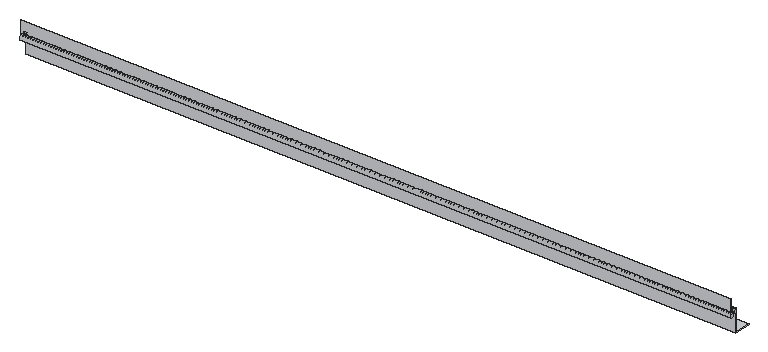
Revit family "NOVOJUNTA PRO BASIC ancho 20 mm LI EST y perimetral", category Modelos genéricos, Revit 2019 (continued)
Automatic sketch dimensions
  Extrusion 19 sketch curve to Extrusion 19 sketch curve = 0.502 mm
  Extrusion 19 sketch curve to Extrusion 19 sketch curve = 1.232 mm
  Extrusion 19 sketch curve to Extrusion 19 sketch curve = 0.825 mm
  Extrusion 19 sketch curve to Extrusion 19 sketch curve = 1.929 mm
  Extrusion 19 sketch curve to Extrusion 19 sketch curve = 0.007 mm
  Extrusion 19 sketch curve to Extrusion 19 sketch curve = 1.565 mm
  Extrusion 19 sketch curve to Extrusion 19 sketch curve = 1.165 mm
  Extrusion 19 sketch curve to Extrusion 19 sketch curve = 0.411 mm
  Extrusion 19 sketch curve to Extrusion 19 sketch curve = 1.555 mm
  Extrusion 19 sketch curve to Extrusion 19 sketch curve = 0.215 mm
  Extrusion 19 sketch curve to Extrusion 19 sketch curve = 0.961 mm
  Extrusion 19 sketch curve to Extrusion 19 sketch curve = 0.417 mm
  Extrusion 19 sketch curve to Extrusion 19 sketch curve = 0.315 mm
  Extrusion 19 sketch curve to Extrusion 19 sketch curve = 0.792 mm
  Extrusion 19 sketch curve to Extrusion 19 sketch curve = 0.368 mm
  Extrusion 19 sketch curve to Extrusion 19 sketch curve = 1.544 mm
  Extrusion 19 sketch curve to Extrusion 19 sketch curve = 0.287 mm
  Extrusion 19 sketch curve to Extrusion 19 sketch curve = 0.198 mm
  Extrusion 19 sketch curve to Extrusion 19 sketch curve = 2.255 mm
  Extrusion 19 sketch curve to Extrusion 19 sketch curve = 1.328 mm
  Extrusion 19 sketch curve to Extrusion 19 sketch curve = 2.171 mm
  Extrusion 19 sketch curve to Extrusion 19 sketch curve = 0.543 mm
  Extrusion 19 sketch curve to Extrusion 19 sketch curve = 0.258 mm
  Extrusion 19 sketch curve to Extrusion 19 sketch curve = 0.069 mm
  plane 1 "Center (Front/Back)" to Extrusion 20 sketch curve = 45.189 mm
  Extrusion 20 sketch curve to Extrusion 20 sketch curve = 33 mm
  Extrusion 20 sketch curve to Extrusion 20 sketch curve = 2 mm  (x3)
  Extrusion 20 sketch curve to Extrusion 20 sketch curve = 0 mm  (x4)
  Extrusion 20 sketch curve to Extrusion 20 sketch curve = 2.044 mm
  Extrusion 20 sketch curve to Extrusion 20 sketch curve = 0.772 mm
  Extrusion 20 sketch curve to Extrusion 20 sketch curve = 0.8 mm
  Extrusion 20 sketch curve to Extrusion 20 sketch curve = 1.107 mm
  Extrusion 20 sketch curve to Extrusion 20 sketch curve = 0.283 mm
  Extrusion 20 sketch curve to Extrusion 20 sketch curve = 0.441 mm  (x2)
  Extrusion 20 sketch curve to Extrusion 20 sketch curve = 0.434 mm  (x2)
  Extrusion 20 sketch curve to Extrusion 20 sketch curve = 0.303 mm
  Extrusion 20 sketch curve to Extrusion 20 sketch curve = 2.6 mm
  Extrusion 20 sketch curve to Extrusion 20 sketch curve = 0.696 mm  (x2)
  Extrusion 20 sketch curve to Extrusion 20 sketch curve = 4.114 mm
  Extrusion 20 sketch curve to Extrusion 20 sketch curve = 0.546 mm
  Extrusion 20 sketch curve to Extrusion 20 sketch curve = 2.043 mm
  Extrusion 20 sketch curve to Extrusion 20 sketch curve = 1.089 mm
  Extrusion 20 sketch curve to Extrusion 20 sketch curve = 1.521 mm  (x2)
  Extrusion 20 sketch curve to Extrusion 20 sketch curve = 2.9 mm
  Extrusion 20 sketch curve to Extrusion 20 sketch curve = 1.129 mm  (x2)
  Extrusion 20 sketch curve to Extrusion 20 sketch curve = 0.25 mm
  Extrusion 20 sketch curve to Extrusion 20 sketch curve = 1.268 mm
  Extrusion 20 sketch curve to Extrusion 20 sketch curve = 1.5 mm  (x3)
  Extrusion 20 sketch curve to Extrusion 20 sketch curve = 0.524 mm
  Extrusion 20 sketch curve to Extrusion 20 sketch curve = 0.708 mm
  Extrusion 20 sketch curve to Extrusion 20 sketch curve = 1.232 mm
  Extrusion 20 sketch curve to Extrusion 20 sketch curve = 1.144 mm
  Extrusion 20 sketch curve to Extrusion 20 sketch curve = 1.224 mm
  Extrusion 20 sketch curve to Extrusion 20 sketch curve = 0.321 mm
  Extrusion 20 sketch curve to Extrusion 20 sketch curve = 0.738 mm
  Extrusion 20 sketch curve to Extrusion 20 sketch curve = 0.711 mm
  Extrusion 20 sketch curve to Extrusion 20 sketch curve = 0.218 mm
  Extrusion 20 sketch curve to Extrusion 20 sketch curve = 4.395 mm
  Extrusion 20 sketch curve to Extrusion 20 sketch curve = 47.105 mm
  Extrusion 20 sketch curve to level = 78.036 mm
  Extrusion 20 sketch curve to Extrusion 20 sketch curve = 2.3 mm
  Extrusion 20 sketch curve to Extrusion 20 sketch curve = 51.25 mm
  Extrusion 20 sketch curve to Extrusion 20 sketch curve = 7 mm
  Extrusion 20 sketch curve to Extrusion 20 sketch curve = 0.107 mm
  Extrusion 20 sketch curve to Extrusion 20 sketch curve = 2.843 mm
  Extrusion 20 sketch curve to Extrusion 20 sketch curve = 1.9 mm
  Extrusion 20 sketch curve to Extrusion 20 sketch curve = 0.375 mm
  Extrusion 20 sketch curve to Extrusion 20 sketch curve = 0.425 mm
  Extrusion 20 sketch curve to Extrusion 20 sketch curve = 0.382 mm
  Extrusion 20 sketch curve to Extrusion 20 sketch curve = 0.007 mm
  Extrusion 20 sketch curve to Extrusion 20 sketch curve = 1.519 mm
  Extrusion 20 sketch curve to Extrusion 20 sketch curve = 1.53 mm
  Extrusion 20 sketch curve to Extrusion 20 sketch curve = 0.251 mm
  Extrusion 20 sketch curve to Extrusion 20 sketch curve = 0.28 mm
  Extrusion 20 sketch curve to Extrusion 20 sketch curve = 0.247 mm
  Extrusion 20 sketch curve to Extrusion 20 sketch curve = 0.522 mm
  Extrusion 20 sketch curve to Extrusion 20 sketch curve = 0.497 mm
  Extrusion 20 sketch curve to Extrusion 20 sketch curve = 0.151 mm
  Extrusion 20 sketch curve to Extrusion 20 sketch curve = 0.502 mm
  Extrusion 20 sketch curve to Extrusion 20 sketch curve = 0.903 mm
  Extrusion 20 sketch curve to Extrusion 20 sketch curve = 0.904 mm
  Extrusion 20 sketch curve to Extrusion 20 sketch curve = 0.898 mm
  Extrusion 20 sketch curve to Extrusion 20 sketch curve = 0.956 mm
  Extrusion 20 sketch curve to Extrusion 20 sketch curve = 5.096 mm
  Extrusion 20 sketch curve to Extrusion 20 sketch curve = 5.43 mm
  Extrusion 20 sketch curve to Extrusion 20 sketch curve = 5.373 mm
  Extrusion 20 sketch curve to Extrusion 20 sketch curve = 0.051 mm
  Extrusion 20 sketch curve to Extrusion 20 sketch curve = 0.539 mm
  Extrusion 20 sketch curve to Extrusion 20 sketch curve = 0.66 mm
  Extrusion 20 sketch curve to Extrusion 20 sketch curve = 0.661 mm
  Extrusion 20 sketch curve to Extrusion 20 sketch curve = 0.579 mm
  Extrusion 20 sketch curve to Extrusion 20 sketch curve = 0.529 mm
  Extrusion 20 sketch curve to Extrusion 20 sketch curve = 13.865 mm
  Extrusion 20 sketch curve to Extrusion 20 sketch curve = 13.593 mm
  Extrusion 20 sketch curve to Extrusion 20 sketch curve = 0.446 mm
  Extrusion 20 sketch curve to Extrusion 20 sketch curve = 0.326 mm
  Extrusion 20 sketch curve to Extrusion 20 sketch curve = 2.079 mm
  Extrusion 20 sketch curve to Extrusion 20 sketch curve = 1.101 mm
  Extrusion 20 sketch curve to Extrusion 20 sketch curve = 0.244 mm
  Extrusion 20 sketch curve to Extrusion 20 sketch curve = 1.1 mm
  Extrusion 20 sketch curve to Extrusion 20 sketch curve = 0.061 mm
  Extrusion 20 sketch curve to Extrusion 20 sketch curve = 1.328 mm
  Extrusion 20 sketch curve to Extrusion 20 sketch curve = 0.662 mm
  Extrusion 20 sketch curve to Extrusion 20 sketch curve = 1.529 mm
  Extrusion 20 sketch curve to Extrusion 20 sketch curve = 1.223 mm
  Extrusion 20 sketch curve to Extrusion 20 sketch curve = 0.036 mm
  Extrusion 20 sketch curve to Extrusion 20 sketch curve = 0.786 mm
  Extrusion 20 sketch curve to Extrusion 20 sketch curve = 0.995 mm
  Extrusion 20 sketch curve to Extrusion 20 sketch curve = 2.8 mm
  Extrusion 20 sketch curve to Extrusion 20 sketch curve = 1.543 mm
  Extrusion 20 sketch curve to Extrusion 20 sketch curve = 1.605 mm
  Extrusion 20 sketch curve to Extrusion 20 sketch curve = 1.339 mm
  Extrusion 20 sketch curve to Extrusion 20 sketch curve = 1.327 mm
  Extrusion 20 sketch curve to Extrusion 20 sketch curve = 0.035 mm
  Extrusion 20 sketch curve to Extrusion 20 sketch curve = 0.273 mm
